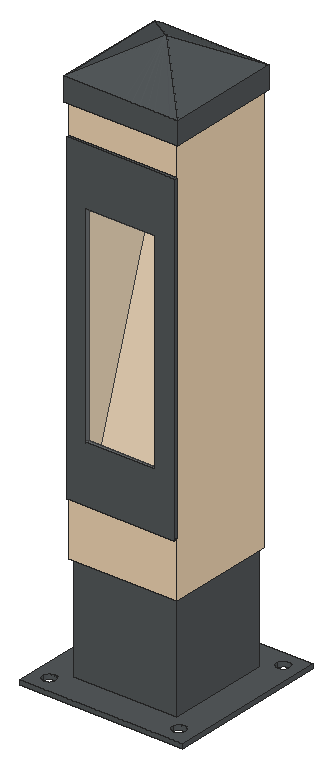
Revit family "Баум", category Осветительные приборы, Revit 2019 (continued)
Types (3, lengths in mm): name | Файл фотометрической сетки | built-in parameter 1150105 | Lumens | built-in parameter 1150106 | built-in parameter 1150142 | Wattage | h_столб низ | h_столб верх | ADSK_Фактическая мощность | ADSK_Размер_Высота | ADSK_Номинальная мощность | ADSK_Наименование | ADSK_Масса_Текст | ADSK_Масса | ADSK_Артикул
     0.4 0.4 0.4 0.4 0.4 0.4 0.4 0.4 0.4 0.4 0.4 0.4 0.4 0.4 0.4\r\n 0.4 0.4 0.4 0.4 0.4 0.4 0.4 0.4 0.4 0.4 0.2 0.2 0.2 0.2 0.2 0.2 0.2 0.0 0.0 0.0 0.0\r\n0.0 0.0 0.0 0.0 0.0 0.0 0.2 0.2 0.4 0.4 0.4 0.4 0.4 0.4 0.4 0.4 0.4 0.4 0.4 0.4 0.4 0.4 0.4 0.4 0.4 0.4 0.4 0.4 0.4 0.4 0.4 0.4\r\n 0.4 0.4 0.4 0.4 0.4 0.4 0.4 0.4 0.4 0.4 0.4 0.4 0.4 0.4 0.4 0.6 0.4 0.4 0.4 0.4 0.4 0.4 0.4 0.4 0.4 0.4 0.4 0.4 0.4 0.4 0.4 0.4\r\n 0.4 0.4 0.4 0.4 0.4 0.4 0.4 0.4 0.4 0.4 0.4 0.4 0.4 0.4 0.4 0.4 0.4 0.4 0.4 0.4 0.4 0.4 0.4 0.4 0.4 0.4 0.4 0.4 0.4 0.4 0.4 0.4\r\n 0.4 0.4 0.4 0.4 0.4 0.4 0.4 0.4 0.4 0.4 0.4 0.4 0.4 0.4 0.4 0.4 0.4 0.4 0.4 0.4 0.4 0.4 0.4 0.4 0.4 0.4 0.4 0.4 0.4 0.4 0.4 0.4\r\n 0.4 0.4 0.4 0.4 0.4 0.4 0.4 0.4 0.4 0.4 0.4 0.4 0.4 0.4 0.4 0.4 0.4 0.4 0.4 0.4 0.4 0.4 0.4 0.4 0.4 0.4 0.4 0.4 0.4 0.4 0.4 0.4\r\n 0.4 0.4 0.4 0.4 0.4 0.4 0.4 0.4 0.4 0.4 0.2 0.2 0.2 0.2 0.2 0.2 0.2 0.0 0.0 0.0 0.0\r\n0.0 0.0 0.0 0.0 0.0 0.0 0.2 0.2 0.4 0.4 0.4 0.4 0.4 0.4 0.4 0.4 0.4 0.4 0.4 0.4 0.4 0.4 0.4 0.4 0.4 0.4 0.4 0.4 0.4 0.4 0.4 0.4\r\n 0.4 0.4 0.4 0.4 0.4 0.4 0.4 0.4 0.4 0.4 0.4 0.4 0.4 0.4 0.4 0.7 0.6 0.4 0.4 0.4 0.4 0.4 0.4 0.4 0.4 0.4 0.4 0.4 0.4 0.4 0.4 0.4\r\n 0.4 0.4 0.4 0.4 0.4 0.4 0.4 0.4 0.4 0.4 0.4 0.4 0.4 0.4 0.4 0.4 0.4 0.4 0.4 0.4 0.4 0.4 0.4 0.4 0.4 0.4 0.4 0.4 0.4 0.4 0.4 0.4\r\n 0.4 0.4 0.4 0.4 0.4 0.4 0.4 0.4 0.4 0.4 0.4 0.4 0.4 0.4 0.4 0.4 0.4 0.4 0.4 0.4 0.4 0.4 0.4 0.4 0.4 0.4 0.4 0.4 0.4 0.4 0.4 0.4\r\n 0.4 0.4 0.4 0.4 0.4 0.4 0.4 0.4 0.4 0.4 0.4 0.4 0.4 0.4 0.4 0.4 0.4 0.4 0.4 0.4 0.4 0.4 0.4 0.4 0.4 0.4 0.4 0.4 0.4 0.4 0.4 0.4\r\n 0.4 0.4 0.4 0.4 0.4 0.4 0.4 0.4 0.4 0.4 0.2 0.2 0.2 0.2 0.2 0.2 0.0 0.0 0.0 0.0 0.0\r\n0.0 0.0 0.0 0.0 0.0 0.0 0.0 0.2 0.4 0.4 0.4 0.4 0.4 0.4 0.4 0.4 0.4 0.4 0.4 0.4 0.4 0.4 0.4 0.4 0.4 0.4 0.4 0.4 0.4 0.4 0.4 0.6\r\n 0.4 0.4 0.4 0.4 0.4 0.4 0.4 0.4 0.4 0.4 0.4 0.4 0.4 0.4 0.4 0.4 0.4 0.4 0.4 0.4 0.4 0.4 0.4 0.4 0.4 0.4 0.4 0.4 0.4 0.4 0.4 0.4\r\n 0.4 0.4 0.4 0.4 0.4 0.4 0.4 0.4 0.4 0.4 0.4 0.4 0.4 0.4 0.4 0.4 0.4 0.4 0.4 0.4 0.4 0.4 0.4 0.4 0.4 0.4 0.4 0.4 0.4 0.4 0.4 0.4\r\n 0.4 0.4 0.4 0.4 0.4 0.4 0.4 0.4 0.4 0.4 0.4 0.4 0.4 0.4 0.4 0.4 0.4 0.4 0.4 0.4 0.4 0.4 0.4 0.4 0.4 0.4 0.4 0.4 0.4 0.4 0.4 0.4\r\n 0.4 0.4 0.4 0.4 0.4 0.4 0.4 0.4 0.4 0.4 0.4 0.4 0.4 0.4 0.4 0.4 0.4 0.4 0.4 0.4 0.4 0.4 0.4 0.4 0.4 0.4 0.4 0.4 0.4 0.4 0.4 0.4\r\n 0.4 0.4 0.4 0.4 0.4 0.4 0.4 0.4 0.4 0.4 0.2 0.2 0.2 0.2 0.2 0.2 0.0 0.0 0.0 0.0 0.0\r\n0.0 0.0 0.0 0.0 0.0 0.0 0.0 0.2 0.4 0.4 0.4 0.4 0.4 0.4 0.4 0.4 0.4 0.4 0.4 0.4 0.4 0.4 0.4 0.4 0.4 0.4 0.4 0.4 0.4 0.4 0.4 0.4\r\n 0.4 0.4 0.4 0.4 0.4 0.4 0.4 0.4 0.4 0.4 0.4 0.4 0.4 0.4 0.4 0.4 0.4 0.4 0.4 0.4 0.4 0.4 0.4 0.4 0.4 0.4 0.4 0.4 0.4 0.4 0.4 0.4\r\n 0.4 0.4 0.4 0.4 0.4 0.4 0.4 0.4 0.4 0.4 0.4 0.4 0.4 0.4 0.4 0.4 0.4 0.4 0.4 0.4 0.4 0.4 0.4 0.4 0.4 0.4 0.4 0.4 0.4 0.4 0.4 0.4\r\n 0.4 0.4 0.4 0.4 0.4 0.4 0.4 0.4 0.4 0.4 0.4 0.4 0.4 0.4 0.4 0.4 0.4 0.4 0.4 0.4 0.4 0.4 0.4 0.4 0.4 0.4 0.4 0.4 0.4 0.4 0.4 0.4\r\n 0.4 0.4 0.4 0.4 0.4 0.4 0.4 0.4 0.4 0.4 0.4 0.4 0.4 0.4 0.4 0.4 0.4 0.4 0.4 0.4 0.4 0.4 0.4 0.4 0.4 0.4 0.4 0.4 0.4 0.4 0.4 0.4\r\n 0.4 0.4 0.4 0.4 0.4 0.4 0.4 0.4 0.4 0.4 0.2 0.2 0.2 0.2 0.2 0.0 0.0 0.0 0.0 0.0 0.0\r\n0.0 0.0 0.0 0.0 0.0 0.0 0.0 0.0 0.2 0.4 0.4 0.4 0.4 0.4 0.4 0.4 0.4 0.4 0.4 0.4 0.4 0.4 0.4 0.4 0.4 0.4 0.4 0.4 0.4 0.4 0.4 0.4\r\n 0.4 0.4 0.4 0.4 0.4 0.4 0.4 0.4 0.4 0.4 0.4 0.4 0.4 0.4 0.4 0.4 0.4 0.4 0.4 0.4 0.4 0.4 0.4 0.4 0.4 0.4 0.4 0.4 0.4 0.4 0.4 0.4\r\n 0.4 0.4 0.4 0.4 0.4 0.4 0.4 0.4 0.4 0.4 0.4 0.4 0.4 0.4 0.4 0.4 0.4 0.4 0.4 0.4 0.4 0.4 0.4 0.4 0.4 0.4 0.4 0.4 0.4 0.4 0.4 0.4\r\n 0.4 0.4 0.4 0.4 0.4 0.4 0.4 0.4 0.4 0.4 0.4 0.4 0.4 0.4 0.4 0.4 0.4 0.4 0.4 0.4 0.4 0.4 0.4 0.4 0.4 0.4 0.4 0.4 0.4 0.4 0.4 0.4\r\n 0.4 0.4 0.4 0.4 0.4 0.4 0.4 0.4 0.4 0.4 0.4 0.4 0.4 0.4 0.4 0.4 0.4 0.4 0.4 0.4 0.4 0.4 0.4 0.4 0.4 0.4 0.4 0.4 0.4 0.4 0.4 0.4\r\n 0.4 0.4 0.4 0.4 0.4 0.4 0.4 0.4 0.4 0.4 0.2 0.2 0.2 0.2 0.0 0.0 0.0 0.0 0.0 0.0 0.0\r\n0.0 0.0 0.0 0.0 0.0 0.0 0.0 0.0 0.2 0.2 0.2 0.4 0.4 0.4 0.4 0.4 0.4 0.4 0.4 0.4 0.4 0.4 0.4 0.4 0.4 0.4 0.4 0.4 0.4 0.4 0.4 0.4\r\n 0.4 0.4 0.4 0.4 0.4 0.4 0.4 0.4 0.4 0.4 0.4 0.4 0.4 0.4 0.4 0.4 0.4 0.4 0.4 0.4 0.4 0.4 0.4 0.4 0.4 0.4 0.4 0.4 0.4 0.4 0.4 0.4\r\n 0.4 0.4 0.4 0.4 0.4 0.4 0.4 0.4 0.4 0.4 0.4 0.4 0.4 0.4 0.4 0.4 0.4 0.4 0.4 0.4 0.4 0.4 0.4 0.4 0.4 0.4 0.4 0.4 0.4 0.4 0.4 0.4\r\n 0.4 0.4 0.4 0.4 0.4 0.4 0.4 0.4 0.4 0.4 0.4 0.4 0.4 0.4 0.4 0.4 0.4 0.4 0.4 0.4 0.4 0.4 0.4 0.4 0.4 0.4 0.4 0.4 0.4 0.4 0.4 0.4\r\n 0.4 0.4 0.4 0.4 0.4 0.4 0.4 0.4 0.4 0.4 0.4 0.4 0.4 0.4 0.4 0.4 0.4 0.4 0.4 0.4 0.4 0.4 0.4 0.4 0.4 0.4 0.4 0.4 0.4 0.4 0.4 0.4\r\n 0.4 0.4 0.4 0.4 0.4 0.4 0.4 0.4 0.4 0.4 0.2 0.2 0.2 0.0 0.0 0.0 0.0 0.0 0.0 0.0 0.0\r\n0.0 0.0 0.0 0.0 0.0 0.0 0.0 0.0 0.2 0.2 0.2 0.2 0.4 0.4 0.4 0.4 0.4 0.4 0.4 0.4 0.4 0.4 0.4 0.4 0.4 0.4 0.4 0.4 0.4 0.4 0.4 0.4\r\n 0.4 0.4 0.4 0.4 0.4 0.4 0.4 0.4 0.4 0.4 0.4 0.4 0.4 0.4 0.4 0.4 0.4 0.4 0.4 0.4 0.4 0.4 0.4 0.4 0.4 0.4 0.4 0.4 0.4 0.4 0.4 0.4\r\n 0.4 0.4 0.4 0.4 0.4 0.4 0.4 0.4 0.4 0.4 0.4 0.4 0.4 0.4 0.4 0.4 0.4 0.4 0.4 0.4 0.4 0.4 0.4 0.4 0.4 0.4 0.4 0.4 0.4 0.4 0.4 0.4\r\n 0.4 0.4 0.4 0.4 0.4 0.4 0.4 0.4 0.4 0.4 0.4 0.4 0.4 0.4 0.4 0.4 0.4 0.4 0.4 0.4 0.4 0.4 0.4 0.4 0.4 0.4 0.4 0.4 0.4 0.4 0.4 0.4\r\n 0.4 0.4 0.4 0.4 0.4 0.4 0.4 0.4 0.4 0.4 0.4 0.4 0.4 0.4 0.4 0.4 0.4 0.4 0.4 0.4 0.4 0.4 0.4 0.4 0.4 0.4 0.4 0.4 0.4 0.4 0.4 0.4\r\n 0.4 0.4 0.4 0.4 0.4 0.4 0.4 0.4 0.4 0.4 0.2 0.2 0.2 0.0 0.0 0.0 0.0 0.0 0.0 0.0 0.0\r\n0.0 0.0 0.0 0.0 0.0 0.0 0.0 0.0 0.2 0.2 0.2 0.2 0.2 0.4 0.4 0.4 0.4 0.4 0.4 0.4 0.4 0.4 0.4 0.4 0.4 0.4 0.4 0.4 0.4 0.4 0.4 0.4\r\n 0.4 0.4 0.4 0.4 0.4 0.4 0.4 0.4 0.4 0.4 0.4 0.4 0.4 0.4 0.4 0.4 0.4 0.4 0.4 0.4 0.4 0.4 0.4 0.4 0.4 0.4 0.4 0.4 0.4 0.4 0.4 0.4\r\n 0.4 0.4 0.4 0.4 0.4 0.4 0.4 0.4 0.4 0.4 0.4 0.4 0.4 0.4 0.4 0.4 0.4 0.4 0.4 0.4 0.4 0.4 0.4 0.4 0.4 0.4 0.4 0.4 0.4 0.4 0.4 0.4\r\n 0.4 0.4 0.4 0.4 0.4 0.4 0.4 0.4 0.4 0.4 0.4 0.4 0.4 0.4 0.4 0.4 0.4 0.4 0.4 0.4 0.4 0.4 0.4 0.4 0.4 0.4 0.4 0.4 0.6 0.9 0.4 0.4\r\n 0.4 0.4 0.4 0.4 0.4 0.4 0.4 0.4 0.4 0.4 0.4 0.4 0.4 0.4 0.4 0.4 0.4 0.4 0.4 0.4 0.4 0.4 0.4 0.4 0.4 0.4 0.4 0.4 0.4 0.4 0.4 0.4\r\n 0.4 0.4 0.4 0.4 0.4 0.4 0.4 0.4 0.4 0.4 0.2 0.2 0.2 0.0 0.0 0.0 0.0 0.0 0.0 0.0 0.0\r\n0.0 0.0 0.0 0.0 0.0 0.0 0.0 0.0 0.2 0.2 0.2 0.2 0.2 0.2 0.4 0.4 0.2 0.4 0.4 0.2 0.2 0.2 0.4 0.4 0.4 0.4 0.4 0.4 0.4 0.4 0.4 0.4\r\n 0.4 0.4 0.4 0.4 0.4 0.4 0.4 0.4 0.4 0.4 0.4 0.4 0.4 0.4 0.4 0.4 0.4 0.4 0.4 0.4 0.4 0.4 0.4 0.4 0.4 0.4 0.4 0.4 0.4 0.4 0.4 0.4\r\n 0.4 0.4 0.4 0.4 0.4 0.4 0.4 0.4 0.4 0.4 0.4 0.4 0.4 0.4 0.4 0.4 0.4 0.4 0.4 0.4 0.4 0.4 0.4 0.4 0.4 0.4 0.4 0.4 0.4 0.4 0.4 0.4\r\n 0.4 0.4 0.4 0.4 0.4 0.4 0.4 0.4 0.4 0.4 0.4 0.4 0.4 0.4 0.4 0.4 0.4 0.4 0.4 0.4 0.4 0.4 0.4 0.4 0.4 0.4 0.4 0.4 0.6 0.4 0.4 0.4\r\n 0.4 0.4 0.4 0.4 0.4 0.4 0.4 0.4 0.4 0.4 0.4 0.4 0.4 0.4 0.4 0.4 0.4 0.4 0.4 0.4 0.4 0.4 0.4 0.4 0.4 0.4 0.4 0.4 0.4 0.4 0.4 0.4\r\n 0.4 0.4 0.4 0.4 0.4 0.4 0.4 0.4 0.4 0.2 0.2 0.2 0.0 0.0 0.0 0.0 0.0 0.0 0.0 0.0 0.0\r\n0.0 0.0 0.0 0.0 0.0 0.0 0.0 0.0 0.2 0.2 0.2 0.2 0.2 0.2 0.2 0.2 0.2 0.2 0.2 0.4 0.2 0.2 0.4 0.2 0.4 0.4 0.4 0.4 0.4 0.4 0.4 0.4\r\n 0.4 0.4 0.4 0.4 0.4 0.4 0.4 0.4 0.4 0.4 0.4 0.4 0.4 0.4 0.4 0.4 0.4 0.4 0.4 0.4 0.4 0.4 0.4 0.4 0.4 0.4 0.4 0.4 0.4 0.4 0.4 0.4\r\n 0.4 0.4 0.4 0.4 0.4 0.4 0.4 0.4 0.4 0.4 0.4 0.4 0.4 0.4 0.4 0.4 0.4 0.4 0.4 0.4 0.4 0.4 0.4 0.4 0.4 0.4 0.4 0.4 0.4 0.4 0.4 0.4\r\n 0.4 0.4 0.4 0.4 0.4 0.4 0.4 0.4 0.4 0.4 0.4 0.4 0.4 0.4 0.4 0.4 0.4 0.4 0.4 0.4 0.4 0.4 0.4 0.4 0.4 0.4 0.4 0.4 0.4 0.4 0.4 0.4\r\n 0.4 0.4 0.4 0.4 0.4 0.4 0.4 0.4 0.4 0.4 0.4 0.4 0.4 0.4 0.4 0.4 0.4 0.4 0.4 0.4 0.4 0.4 0.4 0.4 0.4 0.4 0.4 0.4 0.4 0.4 0.4 0.4\r\n 0.4 0.4 0.4 0.4 0.4 0.4 0.2 0.2 0.2 0.2 0.2 0.2 0.0 0.0 0.0 0.0 0.0 0.0 0.0 0.0 0.0\r\n0.0 0.0 0.0 0.0 0.0 0.0 0.0 0.0 0.2 0.2 0.2 0.2 0.2 0.2 0.2 0.2 0.2 0.2 0.2 0.2 0.2 0.2 0.4 0.4 0.2 0.4 0.4 0.4 0.4 0.4 0.4 0.4\r\n 0.4 0.4 0.4 0.4 0.4 0.4 0.4 0.4 0.4 0.4 0.4 0.4 0.4 0.4 0.4 0.4 0.4 0.4 0.4 0.4 0.4 0.4 0.4 0.4 0.4 0.4 0.4 0.4 0.4 0.4 0.4 0.4\r\n 0.4 0.4 0.4 0.4 0.4 0.4 0.4 0.4 0.4 0.4 0.4 0.4 0.4 0.4 0.4 0.4 0.4 0.4 0.4 0.4 0.4 0.4 0.4 0.4 0.4 0.4 0.4 0.4 0.4 0.4 0.4 0.4\r\n 0.4 0.4 0.4 0.4 0.4 0.4 0.4 0.4 0.4 0.4 0.4 0.4 0.4 0.4 0.4 0.4 0.4 0.4 0.4 0.4 0.4 0.4 0.4 0.4 0.4 0.4 0.4 0.4 0.4 0.4 0.4 0.4\r\n 0.4 0.4 0.4 0.4 0.4 0.4 0.4 0.4 0.4 0.4 0.4 0.4 0.4 0.4 0.4 0.4 0.4 0.4 0.4 0.4 0.4 0.4 0.4 0.4 0.4 0.4 0.4 0.4 0.4 0.4 0.4 0.4\r\n 0.4 0.4 0.4 0.2 0.2 0.2 0.2 0.2 0.2 0.2 0.2 0.2 0.0 0.0 0.0 0.0 0.0 0.0 0.0 0.0 0.0\r\n0.0 0.0 0.0 0.0 0.0 0.0 0.0 0.0 0.2 0.2 0.2 0.2 0.2 0.2 0.2 0.2 0.2 0.2 0.2 0.2 0.2 0.2 0.2 0.2 0.2 0.4 0.4 0.4 0.4 0.4 0.4 0.4\r\n 0.2 0.4 0.4 0.4 0.4 0.2 0.4 0.2 0.4 0.4 0.4 0.4 0.4 0.4 0.4 0.4 0.4 0.4 0.4 0.4 0.4 0.4 0.4 0.4 0.4 0.4 0.4 0.4 0.4 0.4 0.4 0.4\r\n 0.4 0.4 0.4 0.4 0.4 0.4 0.4 0.4 0.4 0.4 0.4 0.4 0.4 0.4 0.4 0.4 0.4 0.4 0.4 0.4 0.4 0.4 0.4 0.4 0.4 0.4 0.4 0.4 0.4 0.4 0.4 0.4\r\n 0.4 0.4 0.4 0.4 0.4 0.4 0.4 0.4 0.4 0.4 0.4 0.4 0.4 0.4 0.4 0.4 0.4 0.4 0.4 0.4 0.4 0.4 0.4 0.4 0.4 0.4 0.4 0.4 0.4 0.4 0.4 0.4\r\n 0.4 0.4 0.4 0.4 0.4 0.4 0.4 0.2 0.4 0.4 0.4 0.2 0.4 0.4 0.4 0.4 0.4 0.4 0.4 0.4 0.4 0.4 0.4 0.4 0.4 0.4 0.4 0.4 0.4 0.4 0.4 0.2\r\n 0.2 0.2 0.2 0.2 0.2 0.2 0.2 0.2 0.2 0.2 0.2 0.0 0.0 0.0 0.0 0.0 0.0 0.0 0.0 0.0 0.0\r\n0.0 0.0 0.0 0.0 0.0 0.0 0.0 0.0 0.2 0.2 0.2 0.2 0.2 0.2 0.2 0.2 0.2 0.2 0.2 0.2 0.2 0.2 0.2 0.2 0.2 0.2 0.2 0.2 0.2 0.2 0.2 0.2\r\n 0.2 0.2 0.4 0.2 0.4 0.4 0.4 0.2 0.4 0.4 0.4 0.4 0.4 0.4 0.4 0.4 0.4 0.4 0.4 0.4 0.4 0.4 0.4 0.4 0.4 0.4 0.4 0.4 0.4 0.4 0.4 0.4\r\n 0.4 0.4 0.4 0.4 0.4 0.4 0.4 0.4 0.4 0.4 0.4 0.4 0.4 0.4 0.4 0.4 0.4 0.4 0.4 0.4 0.4 0.4 0.4 0.4 0.4 0.4 0.4 0.4 0.4 0.4 0.4 0.4\r\n 0.4 0.4 0.4 0.4 0.4 0.4 0.4 0.4 0.4 0.4 0.4 0.4 0.4 0.4 0.4 0.4 0.4 0.4 0.4 0.4 0.4 0.4 0.4 0.4 0.4 0.4 0.4 0.4 0.4 0.4 0.4 0.4\r\n 0.4 0.4 0.4 0.4 0.4 0.4 0.4 0.4 0.4 0.4 0.4 0.4 0.4 0.4 0.4 0.4 0.4 0.4 0.4 0.2 0.2 0.2 0.2 0.2 0.2 0.2 0.2 0.2 0.2 0.2 0.2 0.2\r\n 0.2 0.2 0.2 0.2 0.2 0.2 0.2 0.2 0.2 0.2 0.0 0.0 0.0 0.0 0.0 0.0 0.0 0.0 0.0 0.0 0.0\r\n0.0 0.0 0.0 0.0 0.0 0.0 0.0 0.0 0.2 0.2 0.2 0.2 0.2 0.2 0.2 0.2 0.2 0.2 0.2 0.2 0.2 0.2 0.2 0.2 0.2 0.2 0.2 0.2 0.2 0.2 0.2 0.2\r\n 0.2 0.2 0.2 0.2 0.2 0.2 0.2 0.2 0.2 0.2 0.2 0.2 0.2 0.2 0.2 0.2 0.2 0.2 0.2 0.2 0.2 0.2 0.2 0.2 0.2 0.2 0.2 0.4 0.2 0.2 0.2 0.4\r\n 0.4 0.4 0.4 0.4 0.4 0.4 0.4 0.4 0.4 0.4 0.2 0.4 0.4 0.2 0.4 0.4 0.2 0.4 0.4 0.4 0.4 0.4 0.4 0.4 0.4 0.4 0.4 0.4 0.4 0.4 0.4 0.4\r\n 0.4 0.4 0.4 0.4 0.4 0.4 0.4 0.4 0.2 0.4 0.4 0.4 0.4 0.4 0.4 0.2 0.4 0.4 0.4 0.2 0.4 0.4 0.2 0.2 0.2 0.2 0.4 0.2 0.2 0.4 0.4 0.2\r\n 0.2 0.2 0.2 0.2 0.2 0.2 0.2 0.2 0.2 0.2 0.2 0.2 0.2 0.2 0.2 0.2 0.2 0.2 0.2 0.2 0.2 0.2 0.2 0.2 0.2 0.2 0.2 0.2 0.2 0.2 0.2 0.2\r\n 0.2 0.2 0.2 0.2 0.2 0.2 0.2 0.2 0.2 0.2 0.0 0.0 0.0 0.0 0.0 0.0 0.0 0.0 0.0 0.0 0.0\r\n0.0 0.0 0.0 0.0 0.0 0.0 0.0 0.0 0.2 0.2 0.2 0.2 0.2 0.2 0.2 0.2 0.2 0.2 0.2 0.2 0.2 0.2 0.2 0.2 0.2 0.2 0.2 0.2 0.2 0.2 0.2 0.2\r\n 0.2 0.2 0.2 0.2 0.2 0.2 0.2 0.2 0.2 0.2 0.2 0.2 0.2 0.2 0.2 0.2 0.2 0.2 0.2 0.2 0.2 0.2 0.2 0.2 0.2 0.2 0.2 0.2 0.2 0.2 0.2 0.2\r\n 0.2 0.2 0.2 0.2 0.2 0.2 0.2 0.2 0.2 0.2 0.2 0.2 0.2 0.2 0.2 0.2 0.2 0.2 0.2 0.2 0.2 0.2 0.2 0.2 0.2 0.2 0.2 0.2 0.2 0.2 0.2 0.2\r\n 0.2 0.2 0.2 0.2 0.2 0.2 0.2 0.2 0.2 0.2 0.2 0.2 0.2 0.2 0.2 0.2 0.2 0.2 0.2 0.2 0.2 0.2 0.2 0.2 0.2 0.2 0.2 0.2 0.2 0.2 0.2 0.2\r\n 0.2 0.2 0.2 0.2 0.2 0.2 0.2 0.2 0.2 0.2 0.2 0.2 0.2 0.2 0.2 0.2 0.2 0.2 0.2 0.2 0.2 0.2 0.2 0.2 0.2 0.2 0.2 0.2 0.2 0.2 0.2 0.2\r\n 0.2 0.2 0.2 0.2 0.2 0.2 0.2 0.2 0.2 0.2 0.0 0.0 0.0 0.0 0.0 0.0 0.0 0.0 0.0 0.0 0.0\r\n0.0 0.0 0.0 0.0 0.0 0.0 0.0 0.0 0.2 0.2 0.2 0.2 0.2 0.2 0.2 0.2 0.2 0.2 0.2 0.2 0.2 0.2 0.2 0.2 0.2 0.2 0.2 0.2 0.2 0.2 0.2 0.2\r\n 0.2 0.2 0.2 0.2 0.2 0.2 0.2 0.2 0.2 0.2 0.2 0.2 0.2 0.2 0.2 0.2 0.2 0.2 0.2 0.2 0.2 0.2 0.2 0.2 0.2 0.2 0.2 0.2 0.2 0.2 0.2 0.2\r\n 0.2 0.2 0.2 0.2 0.2 0.2 0.2 0.2 0.2 0.2 0.2 0.2 0.2 0.2 0.2 0.2 0.2 0.2 0.2 0.2 0.2 0.2 0.2 0.2 0.2 0.2 0.2 0.2 0.2 0.2 0.2 0.2\r\n 0.2 0.2 0.2 0.2 0.2 0.2 0.2 0.2 0.2 0.2 0.2 0.2 0.2 0.2 0.2 0.2 0.2 0.2 0.2 0.2 0.2 0.2 0.2 0.2 0.2 0.2 0.2 0.2 0.2 0.2 0.2 0.2\r\n 0.2 0.2 0.2 0.2 0.2 0.2 0.2 0.2 0.2 0.2 0.2 0.2 0.2 0.2 0.2 0.2 0.2 0.2 0.2 0.2 0.2 0.2 0.2 0.2 0.2 0.2 0.2 0.2 0.2 0.2 0.2 0.2\r\n 0.2 0.2 0.2 0.2 0.2 0.2 0.2 0.2 0.2 0.2 0.0 0.0 0.0 0.0 0.0 0.0 0.0 0.0 0.0 0.0 0.0\r\n0.0 0.0 0.0 0.0 0.0 0.0 0.0 0.0 0.2 0.2 0.2 0.2 0.2 0.2 0.2 0.2 0.2 0.2 0.2 0.2 0.2 0.2 0.2 0.2 0.2 0.2 0.2 0.2 0.2 0.2 0.2 0.2\r\n 0.2 0.2 0.2 0.2 0.2 0.2 0.2 0.2 0.2 0.2 0.2 0.2 0.2 0.2 0.2 0.2 0.2 0.2 0.2 0.2 0.2 0.2 0.4 0.4 0.4 0.2 0.2 0.4 0.4 0.4 0.2 0.4\r\n 0.2 0.4 0.4 0.4 0.4 0.4 0.4 0.4 0.4 0.4 0.4 0.4 0.4 0.4 0.4 0.4 0.4 0.4 0.4 0.4 0.4 0.4 0.4 0.4 0.4 0.4 0.4 0.4 0.4 0.4 0.4 0.4\r\n 0.4 0.4 0.4 0.4 0.4 0.4 0.4 0.4 0.4 0.4 0.4 0.4 0.4 0.4 0.4 0.4 0.4 0.4 0.4 0.4 0.4 0.4 0.2 0.2 0.2 0.4 0.2 0.2 0.2 0.2 0.2 0.2\r\n 0.2 0.2 0.2 0.2 0.2 0.2 0.2 0.2 0.2 0.2 0.2 0.2 0.2 0.2 0.2 0.2 0.2 0.2 0.2 0.2 0.2 0.2 0.2 0.2 0.2 0.2 0.2 0.2 0.2 0.2 0.2 0.2\r\n 0.2 0.2 0.2 0.2 0.2 0.2 0.2 0.2 0.2 0.2 0.0 0.0 0.0 0.0 0.0 0.0 0.0 0.0 0.0 0.0 0.0\r\n0.0 0.0 0.0 0.0 0.0 0.0 0.0 0.0 0.2 0.2 0.2 0.2 0.2 0.2 0.2 0.2 0.2 0.2 0.2 0.2 0.2 0.2 0.2 0.2 0.2 0.2 0.2 0.2 0.2 0.2 0.4 0.4\r\n 0.4 0.4 0.4 0.4 0.4 0.4 0.4 0.4 0.4 0.4 0.4 0.4 0.4 0.4 0.4 0.4 0.4 0.4 0.4 0.4 0.4 0.4 0.4 0.4 0.4 0.4 0.4 0.4 0.4 0.4 0.4 0.4\r\n 0.4 0.4 0.4 0.4 0.4 0.4 0.4 0.4 0.4 0.4 0.4 0.4 0.4 0.4 0.4 0.4 0.4 0.4 0.4 0.4 0.4 0.4 0.4 0.4 0.4 0.4 0.4 0.4 0.4 0.4 0.4 0.4\r\n 0.4 0.4 0.4 0.4 0.4 0.4 0.4 0.4 0.4 0.4 0.4 0.4 0.4 0.4 0.4 0.4 0.4 0.4 0.4 0.4 0.4 0.4 0.4 0.4 0.4 0.4 0.4 0.4 0.4 0.4 0.4 0.4\r\n 0.4 0.4 0.4 0.4 0.4 0.4 0.4 0.4 0.4 0.4 0.4 0.4 0.4 0.4 0.4 0.4 0.4 0.4 0.4 0.4 0.4 0.2 0.2 0.2 0.2 0.2 0.2 0.2 0.2 0.2 0.2 0.2\r\n 0.2 0.2 0.2 0.2 0.2 0.2 0.2 0.2 0.2 0.2 0.0 0.0 0.0 0.0 0.0 0.0 0.0 0.0 0.0 0.0 0.0\r\n0.0 0.0 0.0 0.0 0.0 0.0 0.0 0.0 0.2 0.2 0.2 0.2 0.2 0.2 0.2 0.2 0.2 0.2 0.2 0.2 0.2 0.2 0.4 0.4 0.4 0.4 0.4 0.4 0.4 0.4 0.4 0.4\r\n 0.4 0.4 0.4 0.4 0.4 0.4 0.4 0.4 0.4 0.4 0.4 0.4 0.4 0.4 0.4 0.4 0.4 0.4 0.4 0.4 0.4 0.4 0.4 0.4 0.4 0.4 0.4 0.4 0.4 0.4 0.4 0.4\r\n 0.4 0.4 0.4 0.4 0.4 0.4 0.4 0.4 0.4 0.4 0.4 0.4 0.4 0.4 0.4 0.4 0.4 0.4 0.4 0.4 0.4 0.4 0.4 0.4 0.4 0.4 0.4 0.4 0.4 0.4 0.4 0.4\r\n 0.4 0.4 0.4 0.4 0.4 0.4 0.4 0.4 0.4 0.4 0.4 0.4 0.4 0.4 0.4 0.4 0.4 0.4 0.4 0.4 0.4 0.4 0.4 0.4 0.4 0.4 0.4 0.4 0.4 0.4 0.4 0.4\r\n 0.4 0.4 0.4 0.4 0.4 0.4 0.4 0.4 0.4 0.4 0.4 0.4 0.4 0.4 0.4 0.4 0.4 0.4 0.4 0.4 0.4 0.4 0.4 0.4 0.4 0.4 0.2 0.4 0.4 0.2 0.2 0.2\r\n 0.2 0.2 0.2 0.2 0.2 0.2 0.2 0.2 0.2 0.2 0.2 0.0 0.0 0.0 0.0 0.0 0.0 0.0 0.0 0.0 0.0\r\n0.0 0.0 0.0 0.0 0.0 0.0 0.0 0.0 0.2 0.2 0.2 0.2 0.2 0.2 0.2 0.2 0.2 0.4 0.4 0.4 0.4 0.4 0.4 0.4 0.4 0.4 0.4 0.4 0.4 0.4 0.4 0.4\r\n 0.4 0.4 0.4 0.4 0.4 0.4 0.4 0.4 0.4 0.4 0.4 0.4 0.4 0.4 0.4 0.4 0.4 0.4 0.4 0.4 0.4 0.4 0.4 0.4 0.4 0.4 0.4 0.4 0.4 0.4 0.4 0.4\r\n 0.4 0.4 0.4 0.4 0.4 0.4 0.4 0.4 0.4 0.4 0.4 0.4 0.4 0.4 0.4 0.4 0.4 0.4 0.4 0.4 0.4 0.4 0.4 0.4 0.4 0.4 0.4 0.4 0.4 0.4 0.4 0.4\r\n 0.4 0.4 0.4 0.4 0.4 0.4 0.4 0.4 0.4 0.4 0.4 0.4 0.4 0.4 0.4 0.4 0.4 0.4 0.4 0.4 0.4 0.4 0.4 0.4 0.4 0.4 0.4 0.4 0.4 0.4 0.4 0.4\r\n 0.4 0.4 0.4 0.4 0.4 0.4 0.4 0.4 0.4 0.4 0.4 0.4 0.4 0.4 0.4 0.4 0.4 0.4 0.4 0.4 0.4 0.4 0.4 0.4 0.4 0.4 0.4 0.4 0.4 0.4 0.4 0.4\r\n 0.2 0.2 0.2 0.2 0.2 0.2 0.2 0.2 0.2 0.2 0.2 0.0 0.0 0.0 0.0 0.0 0.0 0.0 0.0 0.0 0.0\r\n0.0 0.0 0.0 0.0 0.0 0.0 0.0 0.0 0.2 0.2 0.2 0.2 0.2 0.2 0.4 0.4 0.4 0.4 0.4 0.4 0.4 0.4 0.4 0.4 0.4 0.4 0.4 0.4 0.4 0.4 0.4 0.4\r\n 0.4 0.4 0.4 0.4 0.4 0.4 0.4 0.4 0.4 0.4 0.4 0.4 0.4 0.4 0.4 0.4 0.4 0.4 0.4 0.4 0.4 0.4 0.4 0.4 0.4 0.4 0.4 0.4 0.4 0.4 0.4 0.4\r\n 0.4 0.4 0.4 0.4 0.4 0.4 0.4 0.4 0.4 0.4 0.4 0.4 0.4 0.4 0.4 0.4 0.4 0.4 0.4 0.4 0.4 0.4 0.4 0.4 0.4 0.4 0.4 0.4 0.4 0.4 0.4 0.4\r\n 0.4 0.4 0.4 0.4 0.4 0.4 0.4 0.4 0.4 0.4 0.4 0.4 0.4 0.4 0.4 0.4 0.4 0.4 0.4 0.4 0.4 0.4 0.4 0.4 0.4 0.4 0.4 0.4 0.4 0.4 0.4 0.4\r\n 0.4 0.4 0.4 0.4 0.4 0.4 0.4 0.4 0.4 0.4 0.4 0.4 0.4 0.4 0.4 0.4 0.4 0.4 0.4 0.4 0.4 0.4 0.4 0.4 0.4 0.4 0.4 0.4 0.4 0.4 0.4 0.4\r\n 0.4 0.4 0.4 0.2 0.2 0.2 0.2 0.2 0.2 0.2 0.2 0.0 0.0 0.0 0.0 0.0 0.0 0.0 0.0 0.0 0.0\r\n0.0 0.0 0.0 0.0 0.0 0.0 0.0 0.0 0.2 0.2 0.2 0.4 0.4 0.4 0.4 0.4 0.4 0.4 0.4 0.4 0.4 0.4 0.4 0.4 0.4 0.4 0.4 0.4 0.4 0.4 0.4 0.4\r\n 0.4 0.4 0.4 0.4 0.4 0.4 0.4 0.4 0.4 0.4 0.4 0.4 0.4 0.4 0.4 0.4 0.4 0.4 0.4 0.4 0.4 0.4 0.4 0.4 0.4 0.4 0.4 0.4 0.4 0.4 0.4 0.4\r\n 0.4 0.4 0.4 0.4 0.4 0.4 0.4 0.4 0.4 0.4 0.4 0.4 0.4 0.4 0.4 0.4 0.4 0.4 0.4 0.4 0.4 0.4 0.4 0.4 0.4 0.4 0.4 0.4 0.4 0.4 0.4 0.4\r\n 0.4 0.4 0.4 0.4 0.4 0.4 0.4
